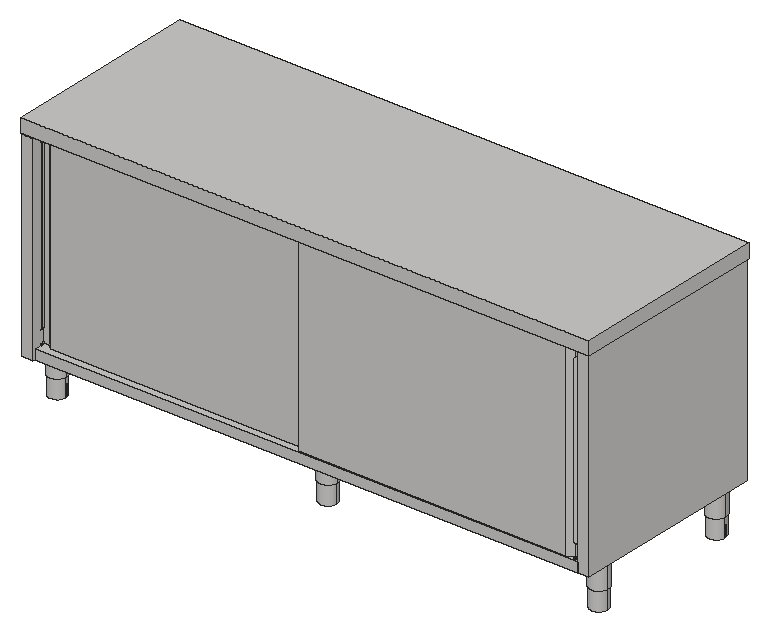
Revit family "QF_ZANUSSI_132870_MSP2007N", category Attrezzature speciali, Revit 2020
Family settings
  Quota connettore circolare = Usa diametro
  Tipo di parte = Normale
  Basato su piano di lavoro = No
  Sempre verticale = Sì
  Taglio con vuoti quando caricato = No
  Condiviso = No
  Punto di calcolo locali = No
Parameters (values of type "Standard")
  Weight = 75.00 kg
  Watts = 0 W
  Volts = 0 V
  URL Manufacturer = "http://www.zanussiprofessional.com"
  URL = "http://www.zanussiprofessional.com"
  Steam Supply Size = 0 mm
  Steam Supply Minimum Pressure = 0.0 Pa
  Steam Supply Maximum Pressure = 0.0 Pa
  Steam Consumption per Hour = 0
  Refrigeration Suction Line Size = 0.0 mm
  Refrigeration Liquid Line Size = 0.0 mm
  Refrigerant Compressor Remote = yes
  Prospetto di default = 0.0 mm
  Phase = 0
  Modello = "MSP2007N"
  Produttore = "Zanussi"
  Length Actual = 2000.0 mm  # constant formula
  Item Number = "132870"
  Hot Water Size = 0 mm
  Height Actual = 900.0 mm  # constant formula
  HP = "0 HP"
  Gas Size = 0 mm
  Gas KW = 0
  Gas Input Pressure = 0 W
  Direct Waste Size = 0 mm
  Descrizione = "WORKTOP CUPBOARD PASSTHROUGH 2000MM"
  Depth Actual = 700.0 mm  # constant formula
  Cycle = 0 Hz
  Condensate Return Size = 0 mm
  Compressed Air Volume = 0.0 L/s
  Compressed Air Size = 0 mm
  Compressed Air Pressure = 0.0 Pa
  Cold Water Size = 0 mm
  Accessory = yes
Reference planes
  plane 1 "Center (Front/Back)": y = 0
  plane 2: z = 0
  plane 3 "Center (Left/Right)": x = -300
  plane 4 "LEFT": x = -1300
  plane 5 "RIGHT": x = 700
  plane 6 "BACK": y = 350
  plane 7 "FRONT": y = -350
  plane 8 "TOP": z = 900
  plane 9: x = -1252
  plane 10: x = 652
  plane 11: y = 270
  plane 12: y = -247
  plane 13 "FEET": z = 150
  plane 14: x = -1254.5
  plane 15: y = -344.5
  plane 16: x = 654.5
  plane 17: x = -326.5
  plane 18: x = -273.5
  plane 19 "BaseTop": z = 850
  plane 20: x = -1294.5
  plane 21: x = 694.5
  plane 22: y = 344.5
Forms (mm)
  Extrusion 1, solid, material "QF_Finishes_Stainless Steel"
    sketch origin (0, 0, 150) x (-1, 0, 0) y (0, -1, 0)
      loop
        line (1294.5, -350) -> (1294.5, 350) -> (1254.5, 350) -> (1254.5, -350) -> (1294.5, -350)
      loop
        line (-654.5, -350) -> (-654.5, 344.5) -> (-694.5, 344.5) -> (-694.5, -350) -> (-654.5, -350)
    from 0 to 700
  Extrusion 2, solid, material "QF_Finishes_Stainless Steel"
    sketch origin (0, 0, 150) x (-1, 0, 0) y (0, -1, 0)
      loop
        line (1254.5, -347) -> (1254.5, 344.5) -> (-654.5, 344.5) -> (-654.5, -347) -> (1254.5, -347)
    from 0 to 35
  Extrusion 3, solid, material "QF_Finishes_Stainless Steel"
    sketch origin (33, 0, 150) x (-1, 0, 0) y (0, -1, 0)
      loop
        line (306.5, 324.5) -> (306.5, 304.5) -> (1285, 304.5) -> (1285, 319.071) -> (1277.942, 326.129) -> (1276.312, 324.5) -> (1283, 317.812) -> (1283, 309.5) -> (1266.034, 309.5) -> (1246.034, 324.5) -> (306.5, 324.5)
    from 700 to 40
  Extrusion 4, void
    sketch origin (0, -350, 0) x (-1, 0, 0) y (0, 0, 1)
      loop
        line (1242.418, 247.973) -> (1242.418, 191.4) -> (1254.5, 191.4) -> (1254.5, 229.369) -> (1242.418, 247.973)
      loop
        line (1242.418, 816.627) -> (1254.5, 835.231) -> (1254.5, 850) -> (1242.418, 850) -> (1242.418, 816.627)
    from 20.5 to 40.5
  Extrusion 5, solid, material "QF_Finishes_Stainless Steel"
    sketch origin (0, 0, 150) x (-1, 0, 0) y (0, -1, 0)
      loop
        line (-654.5, -350) -> (1254.5, -350) -> (1254.5, -327) -> (-654.5, -327) -> (-654.5, -350)
    from 700 to 35
  Extrusion 6, solid, material "QF_Finishes_Stainless Steel"
    sketch origin (0, 0, 850) x (-1, 0, 0) y (0, -1, 0)
      loop
        line (1300, 350) -> (-700, 350) -> (-700, -350) -> (1300, -350) -> (1300, 350)
    from 0 to 50
  Extrusion 7, solid, material "QF_Finishes_Stainless Steel"
    sketch origin (-633, 0, 150) x (1, 0, 0) y (0, 1, 0)
      loop
        line (306.5, -344.5) -> (1246.034, -344.5) -> (1266.034, -329.5) -> (1283, -329.5) -> (1283, -337.812) -> (1276.312, -344.5) -> (1277.942, -346.129) -> (1285, -339.071) -> (1285, -324.5) -> (306.5, -324.5) -> (306.5, -344.5)
    from 700 to 40
  Extrusion 8, void
    sketch origin (-600, -350, 0) x (1, 0, 0) y (0, 0, -1)
      loop
        line (1242.418, -247.973) -> (1254.5, -229.369) -> (1254.5, -191.4) -> (1242.418, -191.4) -> (1242.418, -247.973)
      loop
        line (1242.418, -816.627) -> (1242.418, -850) -> (1254.5, -850) -> (1254.5, -835.231) -> (1242.418, -816.627)
    from 2.538 to 20.5
Cuts and joins
  Extrusion 4, Extrusion 8 cuts Extrusion 3
  Extrusion 8 cuts Extrusion 1
  Extrusion 8 cuts Extrusion 7
Lines and regions (mm)
  symbolic lines, style "SpecialityEquipmentHiddenLines"
    curve 1: line (-1251.5, -324.5, 1600) -> (-1251.5, -329.5, 1600)
    curve 6: line (-326.5, -324.5, 200) -> (-326.5, -344.5, 200)
    curve 7: line (-1252, -304.5, 850) -> (-273.5, -304.5, 850)
    curve 8: line (-273.5, -304.5, 850) -> (-273.5, -324.5, 850)
    curve 9: line (-273.5, -324.5, 850) -> (-1213.034, -324.5, 850)
    curve 10: line (-1213.034, -324.5, 850) -> (-1233.034, -309.5, 850)
    curve 11: line (-1233.034, -309.5, 850) -> (-1252, -309.5, 850)
    curve 12: line (-1252, -309.5, 850) -> (-1252, -304.5, 850)
    curve 13: line (-326.5, -344.5, 850) -> (613.034, -344.5, 850)
    curve 14: line (613.034, -344.5, 850) -> (633.034, -329.5, 850)
    curve 15: line (633.034, -329.5, 850) -> (652, -329.5, 850)
    curve 16: line (652, -329.5, 850) -> (652, -324.5, 850)
    curve 17: line (652, -324.5, 850) -> (-273.5, -324.5, 850)
  symbolic lines, style "SpecialityEquipment"
    curve 2: line (-1300, 350, 850) -> (700, 350, 850)
    curve 3: line (-1300, -350, 850) -> (-1300, 350, 850)
    curve 4: line (700, -350, 850) -> (-1300, -350, 850)
    curve 5: line (700, 350, 850) -> (700, -350, 850)
Dimensions and locks
  plane 4 "LEFT" to plane 5 "RIGHT" = 2000.0 mm
  equal spacing: plane 4 "LEFT", plane 3 "Center (Left/Right)", plane 5 "RIGHT"
  plane 6 "BACK" to plane 7 "FRONT" = 700.0 mm
  equal spacing: plane 6 "BACK", plane 1 "Center (Front/Back)", plane 7 "FRONT"
  locked: plane 13 "FEET" to level at 150
  locked: plane 4 "LEFT" to plane 9 at 48
  locked: plane 10 to plane 5 "RIGHT" at 48
  locked: plane 6 "BACK" to plane 11 at 80
  locked: plane 12 to plane 7 "FRONT" at 103
  locked: plane 8 "TOP" to level at 900
  locked: plane 17 to plane 18 at 53
  equal spacing: plane 17, plane 3 "Center (Left/Right)", plane 18
  locked: plane 8 "TOP" to plane 19 "BaseTop" at 50
  plane 4 "LEFT" to plane 20 = 5.5 mm
  locked: plane 20 to plane 14 at 40
  locked: plane 16 to plane 21 at 40
  locked: plane 21 to plane 5 "RIGHT" at 5.5
  plane 15 to plane 7 "FRONT" = 5.5 mm  (x2)
  plane 6 "BACK" to plane 22 = 5.5 mm
  aligned and locked: level to plane 2
  aligned and locked: plane 9 to nested 1
  aligned and locked: plane 10 to nested 2
  aligned and locked: nested 4 to plane 11
  aligned and locked: plane 9 to nested 3
  aligned and locked: nested 3 to plane 11
  aligned and locked: plane 6 "BACK" to Extrusion 1 sketch curve
  aligned and locked: Extrusion 1 sketch curve to plane 6 "BACK"
  aligned and locked: Extrusion 1 sketch curve to plane 7 "FRONT"
  aligned and locked: plane 14 to Extrusion 1
  aligned and locked: Extrusion 2 to plane 14
  aligned and locked: Extrusion 2 to plane 15
  aligned and locked: nested 1 to plane 12
  aligned and locked: nested 2 to plane 12
  aligned and locked: Extrusion 2 sketch curve to plane 16
  aligned and locked: plane 18 to Extrusion 3
  aligned and locked: nested 4 to nested 2
  aligned and locked: plane 16 to Extrusion 5
  aligned and locked: Extrusion 5 to plane 14
  aligned and locked: plane 19 "BaseTop" to Extrusion 3
  aligned and locked: plane 19 "BaseTop" to Extrusion 5
  aligned and locked: plane 19 "BaseTop" to cut or joined group of Extrusion 1, Extrusion 8
  aligned and locked: plane 19 "BaseTop" to cut or joined group of Extrusion 7, Extrusion 8
  aligned and locked: nested 6 to nested 5
Automatic sketch dimensions
  Extrusion 6 sketch curve to plane 5 "RIGHT" = 0.0 mm
  Extrusion 6 sketch curve to plane 4 "LEFT" = 0.0 mm
  Extrusion 6 sketch curve to plane 6 "BACK" = 0.0 mm
  Extrusion 6 sketch curve to plane 7 "FRONT" = 0.0 mm
  Extrusion 1 sketch curve to plane 15 = 0.0 mm
  Extrusion 1 sketch curve to plane 21 = 0.0 mm
  Extrusion 1 sketch curve to plane 16 = 0.0 mm
  Extrusion 1 sketch curve to plane 14 = 0.0 mm
  Extrusion 1 sketch curve to plane 20 = 0.0 mm
  Extrusion 2 sketch curve to plane 14 = 0.0 mm
  Extrusion 2 sketch curve to plane 15 = 0.0 mm
  plane 22 to Extrusion 2 sketch curve = 2.5 mm
  Extrusion 3 sketch curve to plane 18 = 0.0 mm
  Extrusion 3 sketch curve to plane 9 = 0.0 mm
  plane 9 to Extrusion 3 sketch curve = 38.966 mm
  plane 9 to Extrusion 3 sketch curve = 18.966 mm
  plane 9 to Extrusion 3 sketch curve = 8.688 mm
  Extrusion 3 sketch curve to Extrusion 3 sketch curve = 1.629 mm
  plane 9 to Extrusion 3 sketch curve = 2.0 mm
  plane 15 to Extrusion 3 sketch curve = 40.0 mm
  Extrusion 3 sketch curve to Extrusion 3 sketch curve = 5.0 mm
  Extrusion 3 sketch curve to Extrusion 3 sketch curve = 8.312 mm
  Extrusion 3 sketch curve to Extrusion 3 sketch curve = 1.259 mm
  plane 15 to Extrusion 3 sketch curve = 20.0 mm
  Extrusion 4 sketch curve to plane 19 "BaseTop" = 0.0 mm
  Extrusion 4 sketch curve to plane 14 = 0.0 mm  (x2)
  plane 9 to Extrusion 4 sketch curve = 9.582 mm  (x2)
  Extrusion 4 sketch curve to Extrusion 4 sketch curve = 14.769 mm
  Extrusion 4 sketch curve to Extrusion 4 sketch curve = 18.604 mm  (x2)
  plane 13 "FEET" to Extrusion 4 sketch curve = 97.973 mm
  Extrusion 4 sketch curve to Extrusion 4 sketch curve = 37.969 mm
  plane 9 to curve 1 = 0.5 mm
  plane 15 to curve 1 = 20.0 mm
  curve 1 to curve 1 = 5.0 mm
  curve 6 to plane 15 = 0.0 mm
  curve 6 to plane 17 = 0.0 mm
  plane 15 to curve 6 = 20.0 mm
  Extrusion 5 sketch curve to plane 6 "BACK" = 0.0 mm
  Extrusion 5 sketch curve to plane 16 = 0.0 mm
  Extrusion 5 sketch curve to plane 14 = 0.0 mm
  plane 22 to Extrusion 5 sketch curve = 17.5 mm
  curve 2 to plane 5 "RIGHT" = 0.0 mm
  curve 16 to plane 10 = 0.0 mm
  curve 14 to plane 15 = 0.0 mm
  curve 9 to plane 18 = 0.0 mm
  curve 13 to plane 17 = 0.0 mm
  curve 12 to plane 9 = 0.0 mm
  curve 3 to plane 4 "LEFT" = 0.0 mm
  curve 2 to plane 6 "BACK" = 0.0 mm
  curve 4 to plane 7 "FRONT" = 0.0 mm
  curve 15 to plane 10 = 18.966 mm
  curve 14 to curve 14 = 20.0 mm
  plane 9 to curve 9 = 38.966 mm
  curve 10 to curve 11 = 18.966 mm
  plane 15 to curve 8 = 40.0 mm
  curve 7 to curve 12 = 5.0 mm
  curve 7 to curve 9 = 20.0 mm
  curve 16 to curve 15 = 5.0 mm
  Extrusion 7 sketch curve to plane 17 = 0.0 mm
  Extrusion 7 sketch curve to plane 15 = 0.0 mm  (x2)
  Extrusion 7 sketch curve to plane 10 = 0.0 mm
  plane 10 to Extrusion 7 sketch curve = 38.966 mm
  plane 10 to Extrusion 7 sketch curve = 18.966 mm
  plane 10 to Extrusion 7 sketch curve = 8.688 mm
  plane 15 to Extrusion 7 sketch curve = 1.629 mm
  Extrusion 7 sketch curve to Extrusion 7 sketch curve = 1.629 mm
  plane 10 to Extrusion 7 sketch curve = 2.0 mm
  Extrusion 7 sketch curve to plane 15 = 15.0 mm
  Extrusion 7 sketch curve to Extrusion 7 sketch curve = 5.0 mm
  Extrusion 8 sketch curve to plane 19 "BaseTop" = 0.0 mm
  Extrusion 8 sketch curve to plane 16 = 0.0 mm  (x2)
  plane 10 to Extrusion 8 sketch curve = 9.582 mm  (x2)
  plane 19 "BaseTop" to Extrusion 8 sketch curve = 14.769 mm
  Extrusion 8 sketch curve to Extrusion 8 sketch curve = 18.604 mm  (x2)
  Extrusion 8 sketch curve to plane 13 "FEET" = 97.973 mm
  Extrusion 8 sketch curve to Extrusion 8 sketch curve = 37.969 mm
Nested families
  nested 1: "FEET_D60-150" at (-1252, -247, 0), type "FEET_D60-150"
  nested 2: "FEET_D60-150" at (652, -247, 0), type "FEET_D60-150"
  nested 3: "FEET_D60-150" at (-1252, 270, 0), type "FEET_D60-150"
  nested 4: "FEET_D60-150" at (652, 270, 0), type "FEET_D60-150"
  nested 5: "FEET_D60-150" at (-300, -247, 0), type "FEET_D60-150"
  nested 6: "FEET_D60-150" at (-300, 270, 0), type "FEET_D60-150"
Definition of nested family "FEET_D60-150"
  Parameters
    Default Elevation = 0.0 mm
    FEET = 150.0 mm
  Reference planes
    plane 1 "Center (Front/Back)": y = 0
    plane 2: z = 0
    plane 3 "Center (Left/Right)": x = 0
    plane 4: z = 150
  Forms (mm)
    Extrusion 1, solid
      sketch origin (0, 0, 0) x (1, 0, 0) y (0, 1, 0)
        loop
          circle (0, 0) r 28
      from 0 to 67
    Revolve 2, solid
      sketch origin (0, 0, 0) x (1, 0, 0) y (0, 0, 1)
        loop
          line (0, 0) -> (0, 150) -> (-32.939, 150) -> (-32.939, 67) -> (-30, 67) -> (-30, 0) -> (0, 0)
        axis (0, 150) -> (0, 0)
      angle from 0 to 360
  Lines and regions (mm)
    symbolic lines
      curve 1: line (0, -1.503, 0) -> (0, 1.508, 0)
      curve 2: line (1.561, 0, 0) -> (-1.439, 0, 0)
  Dimensions and locks
    "FEET": plane 4 to plane 2
    aligned and locked: level to plane 2
  Automatic sketch dimensions
    plane 1 "Center (Front/Back)" to Extrusion 1 sketch curve = 0.0 mm
    Extrusion 1 sketch curve to plane 3 "Center (Left/Right)" = 0.0 mm
    plane 1 "Center (Front/Back)" to curve 2 = 0.0 mm
    curve 1 to plane 3 "Center (Left/Right)" = 0.0 mm
    curve 2 to plane 3 "Center (Left/Right)" = 1.439 mm
    plane 3 "Center (Left/Right)" to curve 2 = 1.561 mm
    plane 1 "Center (Front/Back)" to curve 1 = 1.503 mm
    curve 1 to plane 1 "Center (Front/Back)" = 1.508 mm
    Revolve 2 sketch curve to plane 4 = 0.0 mm
    Revolve 2 sketch curve to level = 0.0 mm
    Revolve 2 sketch curve to plane 3 "Center (Left/Right)" = 0.0 mm  (x2)
    Revolve 2 sketch curve to plane 3 "Center (Left/Right)" = 30.0 mm
    Revolve 2 sketch curve to plane 3 "Center (Left/Right)" = 32.939 mm
    level to Revolve 2 sketch curve = 67.0 mm
    Revolve 2 sketch curve to level = 42.207 mm
    Revolve 2 sketch curve to Revolve 2 sketch curve = 10.0 mm
    radius of Extrusion 1 sketch curve = 28.0 mm
